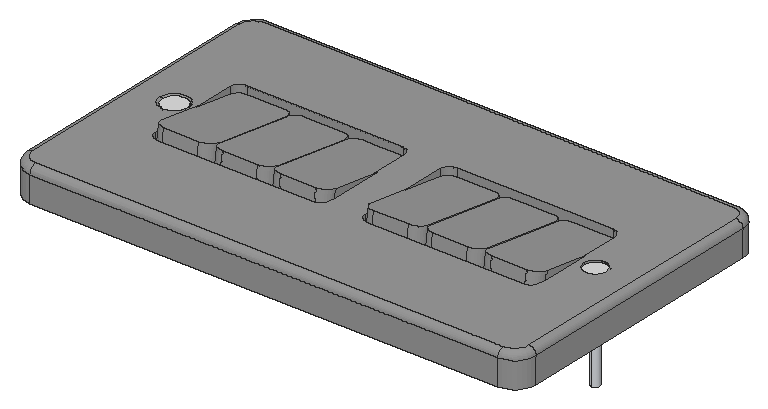
Revit family "ElectricalFixture_WiringAccessories_Hager_Sollysta_6Gang", category Lighting Fixtures, host Face, Revit 2015
Parameters (values of type "WMPS62")
  Warranty ID = ""
  Voltage (Volts) = "230V/240V"
  Unique Reference = "WMPS62"
  Type = "ElectricalFixture"
  Technical Description = "10AX6Gang2WayWallSwitch"
  Switch = yes
  Supply Phase = "1"
  Size = ""
  Shipping Weight kg = "0.188"
  Shape = "Rectangular"
  Reference Standard = "BS 1363-2"
  Product URL = "http://www.hager.co.uk/product-catalogue/wiring-accessories/sollysta/white-moulded/white-moulded-switches/58435.htm"
  Product Range = "Sollysta"
  Product Model Number = "WMPS62"
  Product Literature = "http://www.hager.co.uk/product-catalogue/wiring-accessories/sollysta/38662.htm"
  Product Group = "WiringAccessories"
  Product Family = "WhiteMouldedSwitches_10AXWallSwitches"
  Packaging Recyclable = yes
  Overall Width = Overall Length  # 146.0 mm
  Overall Length = 146.0 mm
  Overall Height = 86.0 mm
  Overall Depth = 26.07 mm
  Operation and Maintenance Manual = ""
  Name = "WhiteMouldedSwitches_10AXWallSwitches_WMPS62"
  Measurement Units = "mm"
  Material = Urea Formaldehyde Thermoset Plastic
  Manufacturer Website = "http://www.hager.co.uk/"
  Manufacturer Country = "United Kingdom"
  Manufacturer = "Hager"
  LED Indicator Switch = no
  Gross Weight kg = "0.165"
  Frequency = "50/60Hz"
  Finish = "Gloss"
  Features = "10AX6Gang2WayWallSwitch"
  Extrusion From Wall = 11.921 mm
  Expected Life = "25 years"
  EAN Code = "3250617260213"
  Design Country = "China"
  Description = "10AX6Gang2WayWallSwitch"
  Default Elevation = 1219.2 mm
  Colour = "SollystaWhite"
  CE Approval = yes
Reference planes
  plane 1 "Center (Front/Back)": y = 0
  plane 2: z = 0
  plane 3 "Center (Left/Right)": x = -63.85
  plane 4: y = -43
  plane 5: y = 43
  plane 6: x = -137
  plane 7: x = 9
  plane 8: z = 9.47
  plane 9: z = -16.6
  plane 10: z = 11.921
  plane 11: y = -471.393
  plane 12: z = -20.53
  plane 13: x = -124.15
  plane 14: x = -63.85
Forms (mm)
  Extrusion 1, solid, material "Urea Formaldehyde Thermoset Plastic", detail levels fine
    sketch origin (0, 0, 0) x (1, 0, 0) y (0, 1, 0)
      loop
        arc (-137, -37.005) -> (-135.244, -41.244) -> (-131.005, -43) r 5.995
        line (-131.005, -43) -> (2.983, -43)
        arc (2.983, -43) -> (7.238, -41.238) -> (9, -36.983) r 6.017
        line (9, -36.983) -> (9, 37.035)
        arc (9, 37.035) -> (7.253, 41.253) -> (3.035, 43) r 5.965
        line (3.035, 43) -> (-131.018, 43)
        arc (-131.018, 43) -> (-135.248, 41.248) -> (-137, 37.018) r 5.982
        line (-137, 37.018) -> (-137, -37.005)
      loop
        circle (-124.15, 0) r 3.228
      loop
        line (-116.216, -16.052) -> (-71.631, -16.052)
        arc (-71.631, -16.052) -> (-69.725, -15.262) -> (-68.936, -13.357) r 2.694
        line (-68.936, -13.357) -> (-68.936, 13.351)
        arc (-68.936, 13.351) -> (-69.737, 15.285) -> (-71.671, 16.086) r 2.735
        line (-71.671, 16.086) -> (-116.175, 16.086)
        arc (-116.175, 16.086) -> (-118.109, 15.285) -> (-118.91, 13.351) r 2.735
        line (-118.91, 13.351) -> (-118.91, -13.357)
        arc (-118.91, -13.357) -> (-118.121, -15.262) -> (-116.216, -16.052) r 2.694
      loop
        circle (-3.55, 0) r 3.228
      loop
        arc (-11.484, -16.052) -> (-9.579, -15.262) -> (-8.79, -13.357) r 2.694
        line (-8.79, -13.357) -> (-8.79, 13.351)
        arc (-8.79, 13.351) -> (-9.591, 15.285) -> (-11.525, 16.086) r 2.735
        line (-11.525, 16.086) -> (-56.029, 16.086)
        arc (-56.029, 16.086) -> (-57.963, 15.285) -> (-58.764, 13.351) r 2.735
        line (-58.764, 13.351) -> (-58.764, -13.357)
        arc (-58.764, -13.357) -> (-57.975, -15.262) -> (-56.069, -16.052) r 2.694
        line (-56.069, -16.052) -> (-11.484, -16.052)
    from 0 to 9.47
  Sweep 2, void
    path origin (0, 0, 0) x (1, 0, 0) y (0, 1, 0)
      loop
        line (-137, 37.018) -> (-137, -37.005)
        arc (-137, -37.005) -> (-135.244, -41.244) -> (-131.005, -43) r 5.995
        line (-131.005, -43) -> (2.983, -43)
        arc (2.983, -43) -> (7.238, -41.238) -> (9, -36.983) r 6.017
        line (9, -36.983) -> (9, 37.035)
        arc (9, 37.035) -> (7.253, 41.253) -> (3.035, 43) r 5.965
        line (3.035, 43) -> (-131.018, 43)
        arc (-131.018, 43) -> (-135.248, 41.248) -> (-137, 37.018) r 5.982
    profile origin (-137, 0.007, 0) x (1, 0, 0) y (0, 0, 1)
      loop
        line (0, 9.47) -> (0, 7.462)
        arc (0, 7.462) -> (0.588, 8.882) -> (2.008, 9.47) r 2.008
        line (2.008, 9.47) -> (0, 9.47)
  Sweep 3, void
    path origin (0, 0, 0) x (1, 0, 0) y (0, 1, 0)
      loop
        circle (-124.15, 0) r 3.228
    profile origin (-124.15, 3.228, 0) x (0, 1, 0) y (0, 0, 1)
      loop
        line (0, 9.47) -> (0, 8.656)
        arc (0, 8.656) -> (0.346, 9.124) -> (0.814, 9.47) r 1.964
        line (0.814, 9.47) -> (0, 9.47)
  Extrusion 4, solid, material "Steel, Chrome Plated", detail levels fine
    sketch origin (0, 0, 0) x (1, 0, 0) y (0, 1, 0)
      loop
        circle (-124.15, 0) r 3.542
    from -1.167 to 9.196
  Extrusion 5, solid, material "Urea Formaldehyde Thermoset Plastic", detail levels medium
    sketch origin (0, 0, 0) x (1, 0, 0) y (0, 1, 0)
      loop
        line (-137, 43) -> (-137, -43) -> (9, -43) -> (9, 43) -> (-137, 43)
    from 0 to 9.47
  Extrusion 6, solid
    sketch origin (-184.307, 0, -1.167) x (0, 1, 0) y (-1, 0, 0)
      loop
        circle (0, -60.15) r 1.2
    from 0 to 19.363
  Extrusion 7, solid
    sketch origin (0, 0, -1.167) x (0, -1, 0) y (1, 0, 0)
      loop
        circle (0, -63.85) r 1.2
    from 0 to 19.363
  Extrusion 8, solid, material "Urea Formaldehyde Thermoset Plastic", detail levels medium
    sketch origin (0, 0, 0) x (1, 0, 0) y (0, 1, 0)
      loop
        line (-137, -43) -> (9, -43) -> (9, 43) -> (-137, 43) -> (-137, -43)
    from 0 to 9.47
  Extrusion 9, solid, material "Urea Formaldehyde Thermoset Plastic", visible <- "Switch", detail levels fine
    sketch origin (-34.022, -20.33, 3.542) x (1, 0, 0) y (0, 0.987688, -0.156434)
      loop
        arc (-84.888, 7.974) -> (-83.952, 5.715) -> (-81.693, 4.78) r 3.194
        line (-81.693, 4.78) -> (-71.705, 4.78)
        arc (-71.705, 4.78) -> (-69.385, 5.741) -> (-68.424, 8.061) r 3.281
        line (-68.424, 8.061) -> (-68.424, 32.07)
        arc (-68.424, 32.07) -> (-69.393, 34.409) -> (-71.732, 35.378) r 3.308
        line (-71.732, 35.378) -> (-72.778, 35.378) -> (-77.654, 35.378) -> (-81.653, 35.378)
        arc (-81.653, 35.378) -> (-83.94, 34.431) -> (-84.888, 32.143) r 3.235
        line (-84.888, 32.143) -> (-84.888, 7.974)
    from 0 to 9.42
  Extrusion 10, solid, material "Urea Formaldehyde Thermoset Plastic", visible <- "Switch", detail levels fine
    sketch origin (-17.558, -20.33, 3.542) x (1, 0, 0) y (0, 0.987688, -0.156434)
      loop
        arc (-84.702, 7.974) -> (-83.766, 5.715) -> (-81.508, 4.78) r 3.194
        line (-81.508, 4.78) -> (-71.383, 4.78)
        arc (-71.383, 4.78) -> (-69.063, 5.741) -> (-68.102, 8.061) r 3.281
        line (-68.102, 8.061) -> (-68.102, 32.07)
        arc (-68.102, 32.07) -> (-69.071, 34.409) -> (-71.41, 35.378) r 3.308
        line (-71.41, 35.378) -> (-72.778, 35.378) -> (-77.654, 35.378) -> (-81.467, 35.378)
        arc (-81.467, 35.378) -> (-83.754, 34.431) -> (-84.702, 32.143) r 3.235
        line (-84.702, 32.143) -> (-84.702, 7.974)
    from 0 to 9.42
  Extrusion 11, solid, material "Urea Formaldehyde Thermoset Plastic", visible <- "Switch", detail levels fine
    sketch origin (-0.512, -20.575, 3.581) x (1, 0, 0) y (0, 0.987688, -0.156434)
      loop
        arc (-84.888, 7.974) -> (-83.952, 5.715) -> (-81.693, 4.78) r 3.194
        line (-81.693, 4.78) -> (-71.705, 4.78)
        arc (-71.705, 4.78) -> (-69.385, 5.741) -> (-68.424, 8.061) r 3.281
        line (-68.424, 8.061) -> (-68.424, 32.07)
        arc (-68.424, 32.07) -> (-69.393, 34.409) -> (-71.732, 35.378) r 3.308
        line (-71.732, 35.378) -> (-72.778, 35.378) -> (-77.654, 35.378) -> (-81.653, 35.378)
        arc (-81.653, 35.378) -> (-83.94, 34.431) -> (-84.888, 32.143) r 3.235
        line (-84.888, 32.143) -> (-84.888, 7.974)
    from 0 to 9.42
  Extrusion 12, solid, material "Urea Formaldehyde Thermoset Plastic", visible <- "Switch", detail levels fine
    sketch origin (-93.678, -20.33, 3.542) x (-1, 0, 0) y (0, -0.987688, 0.156434)
      loop
        line (-84.888, -7.974) -> (-84.888, -32.143)
        arc (-84.888, -32.143) -> (-83.94, -34.431) -> (-81.653, -35.378) r 3.235
        line (-81.653, -35.378) -> (-77.654, -35.378) -> (-72.778, -35.378) -> (-71.732, -35.378)
        arc (-71.732, -35.378) -> (-69.393, -34.409) -> (-68.424, -32.07) r 3.308
        line (-68.424, -32.07) -> (-68.424, -8.061)
        arc (-68.424, -8.061) -> (-69.385, -5.741) -> (-71.705, -4.78) r 3.281
        line (-71.705, -4.78) -> (-81.693, -4.78)
        arc (-81.693, -4.78) -> (-83.952, -5.715) -> (-84.888, -7.974) r 3.194
    from 0 to 9.42
  Extrusion 13, solid, material "Urea Formaldehyde Thermoset Plastic", visible <- "Switch", detail levels fine
    sketch origin (-110.142, -20.33, 3.542) x (-1, 0, 0) y (0, -0.987688, 0.156434)
      loop
        line (-84.702, -7.974) -> (-84.702, -32.143)
        arc (-84.702, -32.143) -> (-83.754, -34.431) -> (-81.467, -35.378) r 3.235
        line (-81.467, -35.378) -> (-77.654, -35.378) -> (-72.778, -35.378) -> (-71.41, -35.378)
        arc (-71.41, -35.378) -> (-69.071, -34.409) -> (-68.102, -32.07) r 3.308
        line (-68.102, -32.07) -> (-68.102, -8.061)
        arc (-68.102, -8.061) -> (-69.063, -5.741) -> (-71.383, -4.78) r 3.281
        line (-71.383, -4.78) -> (-81.508, -4.78)
        arc (-81.508, -4.78) -> (-83.766, -5.715) -> (-84.702, -7.974) r 3.194
    from 0 to 9.42
  Extrusion 14, solid, material "Urea Formaldehyde Thermoset Plastic", visible <- "Switch", detail levels fine
    sketch origin (-127.188, -20.575, 3.581) x (-1, 0, 0) y (0, -0.987688, 0.156434)
      loop
        line (-84.888, -7.974) -> (-84.888, -32.143)
        arc (-84.888, -32.143) -> (-83.94, -34.431) -> (-81.653, -35.378) r 3.235
        line (-81.653, -35.378) -> (-77.654, -35.378) -> (-72.778, -35.378) -> (-71.732, -35.378)
        arc (-71.732, -35.378) -> (-69.393, -34.409) -> (-68.424, -32.07) r 3.308
        line (-68.424, -32.07) -> (-68.424, -8.061)
        arc (-68.424, -8.061) -> (-69.385, -5.741) -> (-71.705, -4.78) r 3.281
        line (-71.705, -4.78) -> (-81.693, -4.78)
        arc (-81.693, -4.78) -> (-83.952, -5.715) -> (-84.888, -7.974) r 3.194
    from 0 to 9.42
  Extrusion 15, solid, material "Steel, Chrome Plated", detail levels fine
    sketch origin (-127.7, 0, 0) x (-1, 0, 0) y (0, -1, 0)
      loop
        circle (-124.15, 0) r 3.542
    from -1.167 to 9.196
  Extrusion 16, solid
    sketch origin (56.607, 0, -1.167) x (0, 1, 0) y (1, 0, 0)
      loop
        circle (0, -60.15) r 1.2
    from 0 to 19.363
Cuts and joins
  Sweep 2, Sweep 3 cuts Extrusion 1
Lines and regions (mm)
  symbolic lines, not visible, detail levels coarse
    curve 1: line (73.42, -504.912, 19.451) -> (3.42, -504.912, 19.451)
    curve 2: arc (73.42, -504.912, 19.451) -> (38.42, -504.912, 54.451) -> (3.42, -504.912, 19.451) r 35
    curve 3: circle (38.42, -504.912, 54.451) r 6 normal (0, 1, 0)
    curve 4: line (38.42, -504.912, 54.451) -> (38.42, -504.912, 99.451)
    curve 5: line (38.42, -504.912, 99.451) -> (68.42, -504.912, 99.451)
    curve 6: line (38.42, -504.912, 54.451) -> (10.78, -504.912, 87.391)
    curve 7: line (10.78, -504.912, 87.391) -> (-3.315, -504.912, 75.564)
    curve 8: line (0.509, -504.912, 19.451) -> (-69.491, -504.912, 19.451)
    curve 9: arc (0.509, -504.912, 19.451) -> (-34.491, -504.912, 54.451) -> (-69.491, -504.912, 19.451) r 35
    curve 10: circle (-34.491, -504.912, 54.451) r 6 normal (0, 1, 0)
    curve 11: line (-34.491, -504.912, 54.451) -> (-34.491, -504.912, 99.451)
    curve 12: line (-34.491, -504.912, 99.451) -> (-4.491, -504.912, 99.451)
    curve 13: line (-34.491, -504.912, 54.451) -> (-62.13, -504.912, 87.391)
    curve 14: line (-62.13, -504.912, 87.391) -> (-76.226, -504.912, 75.564)
  model lines, detail levels coarse
    curve 15: line (-137, 43, 0) -> (9, 43, 0)
    curve 16: line (-137, -43, 0) -> (-137, 43, 0)
    curve 17: line (9, -43, 0) -> (-137, -43, 0)
    curve 18: line (9, 43, 0) -> (9, -43, 0)
    curve 19: arc (-120.108, 0, 0) -> (-124.15, -4.042, 0) -> (-128.192, 0, 0) r 4.042
    curve 20: arc (-128.192, 0, 0) -> (-124.15, 4.042, 0) -> (-120.108, 0, 0) r 4.042
    curve 21: line (-116.87, -10.784, 0) -> (-116.87, 12.337, 0)
    curve 22: arc (-116.87, 12.337, 0) -> (-115.772, 14.988, 0) -> (-113.121, 16.086, 0) r 3.749
    curve 23: line (-113.121, 16.086, 0) -> (-105.441, 16.086, 0)
    curve 24: arc (-105.441, 16.086, 0) -> (-102.738, 14.967, 0) -> (-101.618, 12.264, 0) r 3.823
    curve 25: line (-101.618, 12.264, 0) -> (-101.618, -10.698, 0)
    curve 26: arc (-101.618, -10.698, 0) -> (-102.73, -13.381, 0) -> (-105.413, -14.493, 0) r 3.795
    curve 27: line (-105.413, -14.493, 0) -> (-113.161, -14.493, 0)
    curve 28: arc (-113.161, -14.493, 0) -> (-115.784, -13.407, 0) -> (-116.87, -10.784, 0) r 3.709
    curve 29: line (-71.127, -10.784, 0) -> (-71.127, 12.337, 0)
    curve 30: arc (-71.127, 12.337, 0) -> (-72.225, 14.988, 0) -> (-74.877, 16.086, 0) r 3.749
    curve 31: line (-74.877, 16.086, 0) -> (-82.557, 16.086, 0)
    curve 32: arc (-82.557, 16.086, 0) -> (-85.26, 14.967, 0) -> (-86.379, 12.264, 0) r 3.823
    curve 33: line (-86.379, 12.264, 0) -> (-86.379, -10.698, 0)
    curve 34: arc (-86.379, -10.698, 0) -> (-85.268, -13.381, 0) -> (-82.584, -14.493, 0) r 3.795
    curve 35: line (-82.584, -14.493, 0) -> (-74.836, -14.493, 0)
    curve 36: arc (-74.836, -14.493, 0) -> (-72.214, -13.407, 0) -> (-71.127, -10.784, 0) r 3.709
    curve 37: line (-104.826, -10.784, 0) -> (-104.826, 12.337, 0)
    curve 38: arc (-104.826, 12.337, 0) -> (-103.728, 14.988, 0) -> (-101.077, 16.086, 0) r 3.749
    curve 39: line (-101.077, 16.086, 0) -> (-87.015, 16.086, 0)
    curve 40: arc (-87.015, 16.086, 0) -> (-84.312, 14.967, 0) -> (-83.192, 12.264, 0) r 3.823
    curve 41: line (-83.192, 12.264, 0) -> (-83.192, -10.698, 0)
    curve 42: arc (-83.192, -10.698, 0) -> (-84.304, -13.381, 0) -> (-86.987, -14.493, 0) r 3.795
    curve 43: line (-86.987, -14.493, 0) -> (-101.117, -14.493, 0)
    curve 44: arc (-101.117, -14.493, 0) -> (-103.74, -13.407, 0) -> (-104.826, -10.784, 0) r 3.709
    curve 47: line (-10.83, -10.784, 0) -> (-10.83, 12.337, 0)
    curve 48: arc (-10.83, 12.337, 0) -> (-11.928, 14.988, 0) -> (-14.579, 16.086, 0) r 3.749
    curve 49: line (-14.579, 16.086, 0) -> (-22.259, 16.086, 0)
    curve 50: arc (-22.259, 16.086, 0) -> (-24.962, 14.967, 0) -> (-26.082, 12.264, 0) r 3.823
    curve 51: line (-26.082, 12.264, 0) -> (-26.082, -10.698, 0)
    curve 52: arc (-26.082, -10.698, 0) -> (-24.97, -13.381, 0) -> (-22.287, -14.493, 0) r 3.795
    curve 53: line (-22.287, -14.493, 0) -> (-14.539, -14.493, 0)
    curve 54: arc (-14.539, -14.493, 0) -> (-11.916, -13.407, 0) -> (-10.83, -10.784, 0) r 3.709
    curve 55: line (-56.573, -10.784, 0) -> (-56.573, 12.337, 0)
    curve 56: arc (-56.573, 12.337, 0) -> (-55.475, 14.988, 0) -> (-52.823, 16.086, 0) r 3.749
    curve 57: line (-52.823, 16.086, 0) -> (-45.143, 16.086, 0)
    curve 58: arc (-45.143, 16.086, 0) -> (-42.44, 14.967, 0) -> (-41.321, 12.264, 0) r 3.823
    curve 59: line (-41.321, 12.264, 0) -> (-41.321, -10.698, 0)
    curve 60: arc (-41.321, -10.698, 0) -> (-42.432, -13.381, 0) -> (-45.116, -14.493, 0) r 3.795
    curve 61: line (-45.116, -14.493, 0) -> (-52.864, -14.493, 0)
    curve 62: arc (-52.864, -14.493, 0) -> (-55.486, -13.407, 0) -> (-56.573, -10.784, 0) r 3.709
    curve 63: line (-22.874, -10.784, 0) -> (-22.874, 12.337, 0)
    curve 64: arc (-22.874, 12.337, 0) -> (-23.972, 14.988, 0) -> (-26.623, 16.086, 0) r 3.749
    curve 65: line (-26.623, 16.086, 0) -> (-40.685, 16.086, 0)
    curve 66: arc (-40.685, 16.086, 0) -> (-43.388, 14.967, 0) -> (-44.508, 12.264, 0) r 3.823
    curve 67: line (-44.508, 12.264, 0) -> (-44.508, -10.698, 0)
    curve 68: arc (-44.508, -10.698, 0) -> (-43.396, -13.381, 0) -> (-40.713, -14.493, 0) r 3.795
    curve 69: line (-40.713, -14.493, 0) -> (-26.583, -14.493, 0)
    curve 70: arc (-26.583, -14.493, 0) -> (-23.96, -13.407, 0) -> (-22.874, -10.784, 0) r 3.709
    curve 71: arc (-7.592, 0, 0) -> (-3.55, -4.042, 0) -> (0.492, 0, 0) r 4.042
    curve 72: arc (0.492, 0, 0) -> (-3.55, 4.042, 0) -> (-7.592, 0, 0) r 4.042
  symbolic lines, detail levels coarse
    curve 45: circle (10.545, -504.912, 16.617) r 73.056 normal (0, -1, 0)
    curve 46: line (-62.51, -504.912, 17.014) -> (-144.721, -504.912, 17.014)
Dimensions and locks
  plane 10 to plane 9 = 28.521 mm
  plane 8 to plane 9 = 26.07 mm
  plane 2 to plane 9 = 16.6 mm
  "Overall Length": plane 6 to plane 7
  "Overall Height": plane 4 to plane 5
  "Overall Depth": plane 9 to plane 8
  plane 2 to plane 10 = 11.921 mm
  plane 8 to plane 12 = 30.0 mm
  aligned and locked: plane 2 to host face
  aligned and locked: level to host face
  aligned and locked: Extrusion 1 to plane 8
  aligned and locked: Extrusion 5 to plane 8
  aligned and locked: Extrusion 7 to Extrusion 4
  aligned and locked: plane 12 to Extrusion 7
  aligned and locked: Extrusion 8 to plane 8
  aligned and locked: Extrusion 8 to level
Automatic sketch dimensions
  plane 13 to curve 21 = 7.28 mm
  curve 21 to curve 28 = 3.709 mm
  curve 22 to curve 23 = 3.749 mm
  curve 22 to curve 23 = 7.68 mm
  curve 28 to curve 26 = 7.748 mm
  curve 24 to curve 37 = 0.615 mm
  curve 38 to curve 25 = 3.208 mm
  curve 25 to curve 43 = 0.501 mm
  curve 25 to curve 38 = 0.541 mm
  curve 38 to curve 39 = 14.062 mm
  curve 43 to curve 43 = 14.13 mm
  curve 40 to curve 33 = 0.635 mm
  curve 33 to curve 41 = 3.187 mm
  curve 41 to curve 35 = 0.608 mm
  curve 41 to curve 31 = 0.635 mm
  curve 31 to curve 31 = 7.68 mm
  curve 34 to curve 36 = 7.748 mm
  curve 30 to curve 29 = 3.749 mm
  plane 3 "Center (Left/Right)" to curve 55 = 7.277 mm
  curve 55 to curve 62 = 3.709 mm
  curve 55 to curve 57 = 3.749 mm
  curve 57 to curve 57 = 7.68 mm
  curve 62 to curve 60 = 7.748 mm
  curve 58 to curve 67 = 0.635 mm
  curve 66 to curve 59 = 3.187 mm
  curve 59 to curve 68 = 0.608 mm
  curve 59 to curve 66 = 0.635 mm
  curve 66 to curve 64 = 14.062 mm
  curve 68 to curve 70 = 14.13 mm
  curve 64 to curve 51 = 0.541 mm
  curve 51 to curve 63 = 3.208 mm
  curve 63 to curve 53 = 0.588 mm
  curve 63 to curve 49 = 0.615 mm
  curve 49 to curve 49 = 7.68 mm
  curve 52 to curve 54 = 7.748 mm
  curve 48 to curve 47 = 3.749 mm
  plane 1 "Center (Front/Back)" to curve 35 = 14.493 mm
  plane 1 "Center (Front/Back)" to curve 69 = 14.493 mm
  curve 43 to curve 34 = 3.795 mm
  curve 61 to curve 68 = 3.795 mm
  curve 27 to curve 44 = 3.709 mm
  curve 53 to curve 63 = 3.709 mm
  curve 32 to plane 1 "Center (Front/Back)" = 12.264 mm
  curve 67 to plane 1 "Center (Front/Back)" = 12.264 mm
  curve 24 to plane 1 "Center (Front/Back)" = 12.264 mm
  curve 50 to curve 64 = 0.073 mm
  curve 40 to curve 33 = 0.0 mm
  curve 59 to curve 66 = 0.0 mm
  host sketch curve to host sketch curve = 2438.4 mm  (x2)
  Sweep 2 sketch curve to plane 6 = 0.0 mm
  plane 5 to Sweep 2 sketch curve = 0.0 mm
  plane 4 to Sweep 2 sketch curve = 0.0 mm
  Sweep 2 sketch curve to Sweep 2 sketch curve = 5.982 mm
  plane 6 to Sweep 2 sketch curve = 5.995 mm
  Sweep 2 sketch curve to plane 7 = 6.017 mm
  Sweep 2 sketch curve to plane 7 = 5.965 mm
  plane 7 to Sweep 2 sketch curve = 0.0 mm
  profile plane to Sweep 2 sketch curve = 0.0 mm
  Sweep 2 sketch curve to Sweep 2 sketch curve = 2.008 mm
  level to Sweep 2 sketch curve = 7.462 mm
  Sweep 3 sketch curve to Sweep 3 sketch curve = 0.0 mm  (x2)
  plane 1 "Center (Front/Back)" to Sweep 3 sketch curve = 0.0 mm
  Sweep 3 sketch curve to plane 13 = 0.0 mm
  Sweep 3 sketch curve to plane 13 = 3.228 mm
  Sweep 3 sketch curve to profile plane = 0.0 mm
  Sweep 3 sketch curve to profile plane = 0.814 mm
  Sweep 3 sketch curve to profile plane = 1.735 mm
  level to Sweep 3 sketch curve = 7.735 mm
  Sweep 3 sketch curve to Sweep 3 sketch curve = 0.921 mm
  Extrusion 4 sketch curve to Extrusion 4 sketch curve = 0.0 mm  (x2)
  plane 1 "Center (Front/Back)" to Extrusion 4 sketch curve = 0.0 mm
  Extrusion 4 sketch curve to plane 13 = 0.0 mm
  Extrusion 4 sketch curve to plane 13 = 3.542 mm
  plane 4 to Extrusion 5 sketch curve = 0.0 mm
  Extrusion 5 sketch curve to plane 6 = 0.0 mm
  Extrusion 5 sketch curve to plane 7 = 0.0 mm
  plane 5 to Extrusion 5 sketch curve = 0.0 mm
  plane 7 to curve 45 = 1.545 mm
  curve 45 to plane 10 = 4.696 mm
  plane 3 "Center (Left/Right)" to curve 46 = 1.34 mm
  curve 46 to plane 6 = 7.721 mm
  curve 46 to plane 10 = 5.094 mm
  plane 1 "Center (Front/Back)" to Extrusion 6 sketch curve = 0.0 mm
  plane 13 to Extrusion 6 sketch curve = 0.007 mm
  plane 1 "Center (Front/Back)" to Extrusion 7 sketch curve = 0.0 mm
  Extrusion 7 sketch curve to plane 3 "Center (Left/Right)" = 0.0 mm
  plane 5 to Extrusion 8 sketch curve = 0.0 mm
  Extrusion 8 sketch curve to plane 6 = 0.0 mm
  Extrusion 8 sketch curve to plane 7 = 0.0 mm
  plane 4 to Extrusion 8 sketch curve = 0.0 mm
  curve 19 to curve 20 = 0.0 mm  (x2)
  curve 71 to curve 72 = 0.0 mm  (x2)
  plane 4 to curve 17 = 0.0 mm
  curve 17 to plane 6 = 0.0 mm
  plane 1 "Center (Front/Back)" to curve 19 = 0.0 mm
  curve 20 to plane 13 = 0.0 mm
  plane 1 "Center (Front/Back)" to curve 72 = 0.0 mm
  curve 18 to plane 7 = 0.0 mm
  plane 5 to curve 16 = 0.0 mm
  curve 72 to plane 7 = 12.55 mm
  curve 19 to curve 19 = 4.042 mm
  curve 72 to curve 71 = 4.042 mm
  plane 13 to Extrusion 9 sketch curve = 5.24 mm
  Extrusion 9 sketch curve to Extrusion 9 sketch curve = 3.194 mm
  Extrusion 9 sketch curve to Extrusion 9 sketch curve = 3.235 mm
  Extrusion 9 sketch curve to Extrusion 9 sketch curve = 3.999 mm
  Extrusion 9 sketch curve to Extrusion 9 sketch curve = 4.875 mm
  Extrusion 9 sketch curve to Extrusion 9 sketch curve = 1.046 mm
  Extrusion 9 sketch curve to Extrusion 9 sketch curve = 9.989 mm
  Extrusion 9 sketch curve to Extrusion 9 sketch curve = 3.281 mm
  Extrusion 9 sketch curve to Extrusion 9 sketch curve = 24.009 mm
  plane 13 to Extrusion 10 sketch curve = 21.89 mm
  Extrusion 10 sketch curve to Extrusion 10 sketch curve = 3.194 mm
  Extrusion 10 sketch curve to Extrusion 10 sketch curve = 3.235 mm
  Extrusion 10 sketch curve to Extrusion 10 sketch curve = 3.813 mm
  Extrusion 10 sketch curve to Extrusion 10 sketch curve = 4.875 mm
  Extrusion 10 sketch curve to Extrusion 10 sketch curve = 1.368 mm
  Extrusion 10 sketch curve to Extrusion 10 sketch curve = 10.124 mm
  Extrusion 10 sketch curve to Extrusion 10 sketch curve = 3.281 mm
  Extrusion 10 sketch curve to Extrusion 10 sketch curve = 24.009 mm
  Extrusion 11 sketch curve to plane 3 "Center (Left/Right)" = 21.55 mm
  Extrusion 11 sketch curve to Extrusion 11 sketch curve = 3.194 mm
  Extrusion 11 sketch curve to Extrusion 11 sketch curve = 3.235 mm
  Extrusion 11 sketch curve to Extrusion 11 sketch curve = 3.999 mm
  Extrusion 11 sketch curve to Extrusion 11 sketch curve = 4.875 mm
  Extrusion 11 sketch curve to Extrusion 11 sketch curve = 1.046 mm
  Extrusion 11 sketch curve to plane 3 "Center (Left/Right)" = 8.367 mm
  Extrusion 11 sketch curve to Extrusion 11 sketch curve = 3.281 mm
  Extrusion 11 sketch curve to Extrusion 11 sketch curve = 24.009 mm
  Extrusion 12 sketch curve to plane 7 = 17.79 mm
  Extrusion 12 sketch curve to Extrusion 12 sketch curve = 3.194 mm
  Extrusion 12 sketch curve to Extrusion 12 sketch curve = 3.235 mm
  Extrusion 12 sketch curve to Extrusion 12 sketch curve = 3.999 mm
  Extrusion 12 sketch curve to Extrusion 12 sketch curve = 4.875 mm
  Extrusion 12 sketch curve to Extrusion 12 sketch curve = 1.046 mm
  Extrusion 12 sketch curve to Extrusion 12 sketch curve = 9.989 mm
  Extrusion 12 sketch curve to Extrusion 12 sketch curve = 3.281 mm
  Extrusion 12 sketch curve to Extrusion 12 sketch curve = 24.009 mm
  Extrusion 13 sketch curve to plane 7 = 34.44 mm
  Extrusion 13 sketch curve to Extrusion 13 sketch curve = 3.194 mm
  Extrusion 13 sketch curve to Extrusion 13 sketch curve = 3.235 mm
  Extrusion 13 sketch curve to Extrusion 13 sketch curve = 3.813 mm
  Extrusion 13 sketch curve to Extrusion 13 sketch curve = 4.875 mm
  Extrusion 13 sketch curve to Extrusion 13 sketch curve = 1.368 mm
  Extrusion 13 sketch curve to Extrusion 13 sketch curve = 10.124 mm
  Extrusion 13 sketch curve to Extrusion 13 sketch curve = 3.281 mm
  Extrusion 13 sketch curve to Extrusion 13 sketch curve = 24.009 mm
  plane 3 "Center (Left/Right)" to Extrusion 14 sketch curve = 21.55 mm
  Extrusion 14 sketch curve to Extrusion 14 sketch curve = 3.194 mm
  Extrusion 14 sketch curve to Extrusion 14 sketch curve = 3.235 mm
  Extrusion 14 sketch curve to Extrusion 14 sketch curve = 3.999 mm
  Extrusion 14 sketch curve to Extrusion 14 sketch curve = 4.875 mm
  Extrusion 14 sketch curve to Extrusion 14 sketch curve = 1.046 mm
  plane 3 "Center (Left/Right)" to Extrusion 14 sketch curve = 8.367 mm
  Extrusion 14 sketch curve to Extrusion 14 sketch curve = 3.281 mm
  Extrusion 14 sketch curve to Extrusion 14 sketch curve = 24.009 mm
  Extrusion 15 sketch curve to Extrusion 15 sketch curve = 0.0 mm  (x2)
  plane 1 "Center (Front/Back)" to Extrusion 15 sketch curve = 0.0 mm
  plane 7 to Extrusion 15 sketch curve = 12.55 mm
  Extrusion 15 sketch curve to Extrusion 15 sketch curve = 3.542 mm
  plane 1 "Center (Front/Back)" to Extrusion 16 sketch curve = 0.0 mm
  Extrusion 16 sketch curve to plane 7 = 12.543 mm
  Extrusion 1 sketch curve to plane 6 = 0.0 mm
  plane 5 to Extrusion 1 sketch curve = 0.0 mm
  plane 4 to Extrusion 1 sketch curve = 0.0 mm
  plane 1 "Center (Front/Back)" to Extrusion 1 sketch curve = 0.0 mm  (x2)
  Extrusion 1 sketch curve to plane 13 = 0.0 mm
  plane 6 to Extrusion 1 sketch curve = 5.982 mm
  plane 6 to Extrusion 1 sketch curve = 5.995 mm
  plane 13 to Extrusion 1 sketch curve = 5.24 mm
  Extrusion 1 sketch curve to Extrusion 1 sketch curve = 2.694 mm  (x4)
  Extrusion 1 sketch curve to Extrusion 1 sketch curve = 2.735 mm  (x3)
  Extrusion 1 sketch curve to plane 3 "Center (Left/Right)" = 7.821 mm
  Extrusion 1 sketch curve to plane 3 "Center (Left/Right)" = 7.781 mm
  plane 3 "Center (Left/Right)" to Extrusion 1 sketch curve = 5.086 mm
  Extrusion 1 sketch curve to plane 7 = 20.525 mm
  Extrusion 1 sketch curve to plane 7 = 20.484 mm
  Extrusion 1 sketch curve to plane 7 = 12.55 mm
  Extrusion 1 sketch curve to plane 7 = 6.017 mm
  Extrusion 1 sketch curve to plane 7 = 5.965 mm
  plane 7 to Extrusion 1 sketch curve = 0.0 mm
  plane 1 "Center (Front/Back)" to Extrusion 1 sketch curve = 16.052 mm
  Extrusion 1 sketch curve to plane 1 "Center (Front/Back)" = 13.351 mm  (x2)
  radius of Extrusion 6 sketch curve = 1.2 mm
  radius of Extrusion 7 sketch curve = 1.2 mm
  radius of Extrusion 16 sketch curve = 1.2 mm
  radius of Extrusion 1 sketch curve = 3.228 mm  (x2)
Connectors
  electrical at (-64.001, 0.008, 0)
    settings: on cut or joined group of Extrusion 1, Sweep 2, Sweep 3, index 1, voltage 230 V, apparent load 0 VA, apparent load phase1 0 VA, apparent load phase2 0 VA, apparent load phase3 0 VA, power factor 1, load classification "Other", number of poles 1, system type 31, power factor state 1, is connector primary yes, connector utility no, sub classification motor no, connector description ""
